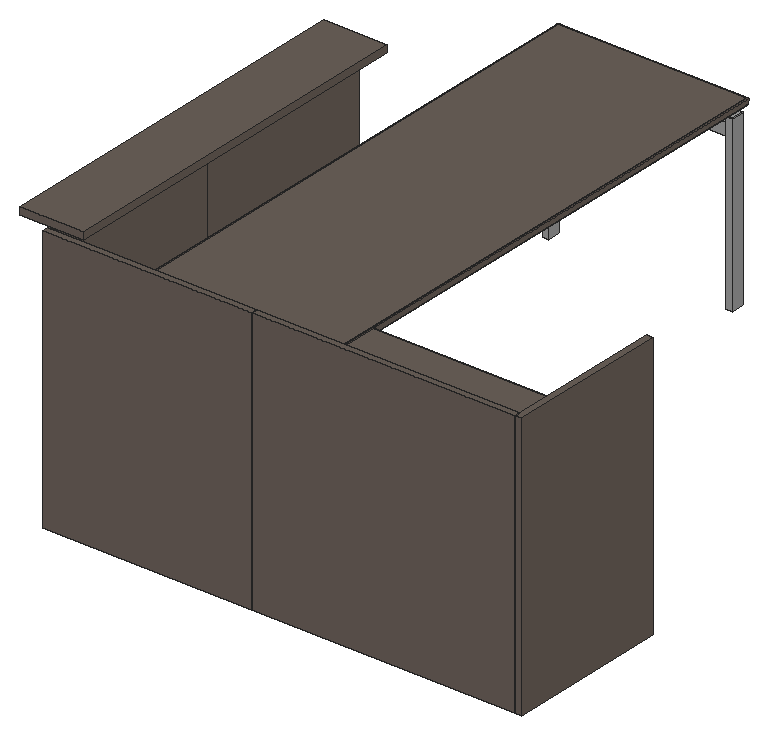
Revit family "OFS TYPICAL T100183", category Furniture, Revit 2022 (continued)
Definition of nested family "STAKS TRANSACTION SHELF"
  Types (11): name | Width | Model | Description
    STAKS TRANSACTION SHELF 48in | 4' - 0" | "6-TRS-48/10" | "OFS STAKS TRANSACTION SHELF 48\" Width, to Provide a Quick Transition to Reception Applications"
    STAKS TRANSACTION SHELF 54in | 4' - 6" | "6-TRS-54/10" | "OFS STAKS TRANSACTION SHELF 54\" Width, to Provide a Quick Transition to Reception Applications"
    STAKS TRANSACTION SHELF 60in | 5' - 0" | "6-TRS-60/10" | "OFS STAKS TRANSACTION SHELF 60\" Width, to Provide a Quick Transition to Reception Applications"
    STAKS TRANSACTION SHELF 66in | 5' - 6" | "6-TRS-66/10" | "OFS STAKS TRANSACTION SHELF 66\" Width, to Provide a Quick Transition to Reception Applications"
    STAKS TRANSACTION SHELF 72in | 6' - 0" | "6-TRS-72/10" | "OFS STAKS TRANSACTION SHELF 72\" Width, to Provide a Quick Transition to Reception Applications"
    STAKS TRANSACTION SHELF 78in | 6' - 6" | "6-TRS-78/10" | "OFS STAKS TRANSACTION SHELF 78\" Width, to Provide a Quick Transition to Reception Applications"
    STAKS TRANSACTION SHELF 84in | 7' - 0" | "6-TRS-84/10" | "OFS STAKS TRANSACTION SHELF 84\" Width, to Provide a Quick Transition to Reception Applications"
  Reference planes (in)
    plane 1: z = 0
    plane 2 "Center (Front/Back)": y = -2.12465
    plane 3 "LEFT": x = -31.5
    plane 4 "BASE TOP": z = 48.625
    plane 5 "RIGHT": x = -1.5
    plane 6: z = 47.5
    plane 7: y = 2.87535
    plane 8 "CENTER": x = -16.5
    plane 9: y = -7.12465
  Forms (in)
    Extrusion 1, solid, material <- "Shelf Material"
      sketch origin (0, -2.12465, 0) x (1, 0, 0) y (0, 0, 1)
        loop
          line (-31.5, 48.625) -> (-31.5, 47.5) -> (-1.5, 47.5) -> (-1.5, 48.625) -> (-31.5, 48.625)
      from -5 to 5
  Dimensions and locks (in)
    "Height From Floor": plane 4 "BASE TOP" to plane 1
    "Height": plane 4 "BASE TOP" to plane 6
    equal spacing: plane 3 "LEFT", plane 8 "CENTER", plane 5 "RIGHT"
    equal spacing: plane 9, plane 2 "Center (Front/Back)", plane 7
    "Width": plane 3 "LEFT" to plane 5 "RIGHT"
    "Depth": plane 9 to plane 7
    aligned and locked: level to plane 1
    aligned and locked: Extrusion 1 sketch curve to plane 4 "BASE TOP"
    aligned and locked: plane 3 "LEFT" to Extrusion 1 sketch curve
    aligned and locked: Extrusion 1 sketch curve to plane 6
    aligned and locked: Extrusion 1 sketch curve to plane 5 "RIGHT"
    aligned and locked: Extrusion 1 to plane 7
    aligned and locked: plane 9 to Extrusion 1
Definition of nested family "STAKS BENCHING 4 X 4 CLAMP PLATE"
  Parameters (values of type "STAKS BENCHING 4 X 4 CLAMP PLATE")
    Width = 0' - 4"
    URL = "http://www.ofs.com/"
    Model = "CP-1"
    Manufacturer = "OFS"
    Height From Floor = 2' - 3 7/8"
    Height = 0' - 0 1/8"
    Description = "OFS STAKS BENCHING 4 X 4 CLAMP PLATE, Adjoins Two Worksurfaces at Seam on Underneath Side of Worksurface"
    Depth = 0' - 4"
    Default Elevation = 0' - 0"
    Copyright © = "© 2018 OFS"
    Catalog = "https://ofs.com/products/open-plan/benching/staks"
    Bracket Material = none
    Authoring Version = "Autodesk Revit Architecture 2013"
    Assembly Code = "E2020200"
  Reference planes (in)
    plane 1: z = 0
    plane 2 "Center (Front/Back)": y = 2.0316
    plane 3 "LEFT": x = -18.5
    plane 4 "BASE TOP": z = 27.875
    plane 5 "RIGHT": x = -14.5
    plane 6: z = 27.75
    plane 7: y = 4.0316
    plane 8 "CENTER": x = -16.5
    plane 9: y = 0.0316
  Forms (in)
    Extrusion 1, solid
      sketch origin (0, 0, 0) x (1, 0, 0) y (0, 1, 0)
        loop
          arc (-18.25, 4.0316) -> (-18.42678, 3.95838) -> (-18.5, 3.7816) r 0.25
          line (-18.5, 3.7816) -> (-18.5, 0.2816)
          arc (-18.5, 0.2816) -> (-18.42678, 0.10482) -> (-18.25, 0.0316) r 0.25
          line (-18.25, 0.0316) -> (-14.75, 0.0316)
          arc (-14.75, 0.0316) -> (-14.57322, 0.10482) -> (-14.5, 0.2816) r 0.25
          line (-14.5, 0.2816) -> (-14.5, 3.7816)
          arc (-14.5, 3.7816) -> (-14.57322, 3.95838) -> (-14.75, 4.0316) r 0.25
          line (-14.75, 4.0316) -> (-18.25, 4.0316)
        loop
          circle (-18.1778, 3.7094) r 0.09375
        loop
          circle (-17.73948, 3.27108) r 0.09375
        loop
          circle (-18.1778, 0.35379) r 0.09375
        loop
          circle (-17.73948, 0.79212) r 0.09375
        loop
          circle (-14.8222, 0.35379) r 0.09375
        loop
          circle (-15.26052, 0.79212) r 0.09375
        loop
          circle (-14.8222, 3.7094) r 0.09375
        loop
          circle (-15.26052, 3.27108) r 0.09375
      from 27.75 to 27.875
  Dimensions and locks (in)
    "Height From Floor": plane 4 "BASE TOP" to plane 1
    "Height": plane 4 "BASE TOP" to plane 6
    equal spacing: plane 3 "LEFT", plane 8 "CENTER", plane 5 "RIGHT"
    equal spacing: plane 9, plane 2 "Center (Front/Back)", plane 7
    "Width": plane 3 "LEFT" to plane 5 "RIGHT"
    "Depth": plane 9 to plane 7
    aligned and locked: level to plane 1
    aligned and locked: plane 7 to Extrusion 1 sketch curve
    aligned and locked: plane 3 "LEFT" to Extrusion 1 sketch curve
    aligned and locked: Extrusion 1 sketch curve to plane 9
    aligned and locked: Extrusion 1 sketch curve to plane 5 "RIGHT"
    aligned and locked: Extrusion 1 to plane 4 "BASE TOP"
    aligned and locked: plane 6 to Extrusion 1
  Automatic sketch dimensions
    plane 3 "LEFT" to Extrusion 1 sketch curve = 0' - 0 1/4"  (x2)
    Extrusion 1 sketch curve to plane 9 = 0' - 0 1/4"
    Extrusion 1 sketch curve to plane 5 "RIGHT" = 0' - 0 1/4"
    Extrusion 1 sketch curve to Extrusion 1 sketch curve = 0' - 0.0722"  (x8)
    Extrusion 1 sketch curve to Extrusion 1 sketch curve = 0' - 0.43833"  (x4)
    Extrusion 1 sketch curve to Extrusion 1 sketch curve = 0' - 0.51052"  (x4)
    radius of Extrusion 1 sketch curve = 0' - 0 3/32"  (x8)
Definition of nested family "STAKS BENCHING CANTILEVER WORKSURFACE BRACKET - OPEN"
  Parameters (values of type "STAKS CANTILEVER WORKSURFACE BRACKET - OPEN 36in")
    Width = 0' - 1 1/2"
    URL = "http://www.ofs.com/"
    Model = "OWSBKT36"
    Manufacturer = "OFS"
    Height From Floor = 2' - 3 7/8"
    Height = 0' - 7"
    Description = "OFS STAKS BENCHING CANTILEVER WORKSURFACE BRACKET - Open Cantilever Worksurface Bracket for 36\"W Top"
    Depth = 2' - 4"
    Default Elevation = 0' - 0"
    Copyright © = "© 2018 OFS"
    Catalog = "https://ofs.com/products/open-plan/benching/staks"
    Bracket Material = none
    Authoring Version = "Autodesk Revit Architecture 2013"
    Assembly Code = "E2020200"
    Alpha = 0' - 1"
  Types (4): name | URL | Model | Manufacturer | Description | Depth | Copyright © | Catalog | Alpha
    CANTILEVER WORKSURFACE BRACKET - OPEN 14in | "http://www.ofsbrands.com/" | "OWSBKT14" | "FIRST OFFICE" | "OFS BRANDS FIRST OFFICE STAKS BENCHING CANTILEVER WORKSURFACE BRACKET - Open Cantilever Worksurface Bracket for 14\"W Top" | 0' - 11" | "© 2018 OFS BRANDS" | "http://www.firstoffice.com/products/crossover/staks_benching/" | 0' - 0 1/2"
    CANTILEVER WORKSURFACE BRACKET - OPEN 22in | "http://www.ofsbrands.com/" | "OWSBKT22" | "FIRST OFFICE" | "OFS BRANDS FIRST OFFICE STAKS BENCHING CANTILEVER WORKSURFACE BRACKET - Open Cantilever Worksurface Bracket for 22\"W Top" | 1' - 4" | "© 2018 OFS BRANDS" | "http://www.firstoffice.com/products/crossover/staks_benching/" | 0' - 0 5/8"
    CANTILEVER WORKSURFACE BRACKET - OPEN 30in | "http://www.ofsbrands.com/" | "OWSBKT30" | "FIRST OFFICE" | "OFS BRANDS FIRST OFFICE STAKS BENCHING CANTILEVER WORKSURFACE BRACKET - Open Cantilever Worksurface Bracket for 30\"W Top" | 1' - 10" | "© 2018 OFS BRANDS" | "http://www.firstoffice.com/products/crossover/staks_benching/" | 0' - 0 7/8"
    STAKS CANTILEVER WORKSURFACE BRACKET - OPEN 36in | "http://www.ofs.com/" | "OWSBKT36" | "OFS" | "OFS STAKS BENCHING CANTILEVER WORKSURFACE BRACKET - Open Cantilever Worksurface Bracket for 36\"W Top" | 2' - 4" | "© 2018 OFS" | "https://ofs.com/products/open-plan/benching/staks" | 0' - 1"
  Reference planes (in)
    plane 1: z = 0
    plane 2 "Center (Front/Back)": y = -11.12465
    plane 3 "LEFT": x = -17.25
    plane 4 "BASE TOP": z = 27.875
    plane 5 "RIGHT": x = -15.75
    plane 6: z = 20.875
    plane 7: y = 2.87535
    plane 8 "CENTER": x = -16.5
    plane 9: y = -25.12465
    plane 10: z = 25.875
    plane 11: y = 0.87535
    plane 12: z = 21.375
    plane 13: y = -24.62465
    plane 14: x = -16.375
    plane 15: x = -16.625
    plane 16: y = -23.62465
  Forms (in)
    Extrusion 1, solid, material <- "Bracket Material"
      sketch origin (-16.5, 0, 0) x (0, 1, 0) y (0, 0, 1)
        loop
          line (-25.12465, 27.875) -> (-25.12465, 27.82031) -> (0.8527, 27.82031) -> (2.82066, 25.85235) -> (2.82066, 20.875) -> (2.87535, 20.875) -> (2.87535, 25.875) -> (0.87535, 27.875) -> (-25.12465, 27.875)
      from -0.75 to 0.75
    Extrusion 2, solid
      sketch origin (-16.5, 0, 0) x (0, 1, 0) y (0, 0, 1)
        loop
          line (2.82066, 21.375) -> (2.82066, 21.66876) -> (-23.62465, 27.82031) -> (-24.62465, 27.82031) -> (2.82066, 21.375)
      from -0.125 to 0.125
    Extrusion 3, void
      sketch origin (0, -11.12465, 0) x (1, 0, 0) y (0, 0, 1)
        loop
          circle (-16.99183, 23.37543) r 0.09375
        loop
          circle (-16.99183, 25.56923) r 0.09375
        loop
          circle (-16.99183, 21.18077) r 0.09375
        loop
          line (-16.10192, 24.58008) -> (-16.10192, 24.41381)
          arc (-16.10192, 24.41381) -> (-16.00817, 24.32006) -> (-15.91442, 24.41381) r 0.09375
          line (-15.91442, 24.41381) -> (-15.91442, 24.58008)
          arc (-15.91442, 24.58008) -> (-16.00817, 24.67383) -> (-16.10192, 24.58008) r 0.09375
        loop
          arc (-16.10192, 22.16992) -> (-16.00817, 22.07617) -> (-15.91442, 22.16992) r 0.09375
          line (-15.91442, 22.16992) -> (-15.91442, 22.33619)
          arc (-15.91442, 22.33619) -> (-16.00817, 22.42994) -> (-16.10192, 22.33619) r 0.09375
          line (-16.10192, 22.33619) -> (-16.10192, 22.16992)
      from -14 to -3.47735
    Extrusion 4, void
      sketch origin (0, 0, 0) x (1, 0, 0) y (0, 1, 0)
        loop
          circle (-16.93617, 0.25038) r 0.09375
        loop
          circle (-16.06383, -1.74962) r 0.09375
        loop
          circle (-16.93617, -3.74962) r 0.09375
        loop
          circle (-16.06383, -5.74962) r 0.09375
        loop
          circle (-16.93617, -7.74962) r 0.09375
        loop
          circle (-16.06383, -9.74962) r 0.09375
        loop
          circle (-16.93617, -11.74962) r 0.09375
        loop
          circle (-16.06383, -13.74962) r 0.09375
        loop
          circle (-16.93617, -15.74962) r 0.09375
        loop
          circle (-16.06383, -17.74962) r 0.09375
        loop
          circle (-16.93617, -19.74962) r 0.09375
        loop
          circle (-16.06383, -21.74962) r 0.09375
        loop
          circle (-16.93617, -23.74962) r 0.09375
        loop
          circle (-16.06383, -25.74962) r 0.09375
        loop
          circle (-16.93617, -27.74962) r 0.09375
        loop
          circle (-16.06383, -29.74962) r 0.09375
      from 25.0365 to 29.23009
    Extrusion 5, void, not visible
      sketch origin (0, 0, 0) x (1, 0, 0) y (0, 1, 0)
        loop
          circle (-16.93617, 0.25038) r 0.09375
        loop
          circle (-16.06383, -1.74962) r 0.09375
        loop
          circle (-16.93617, -3.74962) r 0.09375
        loop
          circle (-16.06383, -5.74962) r 0.09375
        loop
          circle (-16.93617, -7.74962) r 0.09375
        loop
          circle (-16.06383, -9.74962) r 0.09375
        loop
          circle (-16.93617, -11.74962) r 0.09375
        loop
          circle (-16.06383, -13.74962) r 0.09375
        loop
          circle (-16.93617, -15.74962) r 0.09375
        loop
          circle (-16.06383, -17.74962) r 0.09375
        loop
          circle (-16.93617, -19.74962) r 0.09375
        loop
          circle (-16.06383, -21.74962) r 0.09375
        loop
          circle (-16.93617, -23.74962) r 0.09375
        loop
          circle (-16.06383, -25.74962) r 0.09375
        loop
          circle (-16.93617, -27.74962) r 0.09375
        loop
          circle (-16.06383, -29.74962) r 0.09375
      from 25.0365 to 29.23009
  Cuts and joins
    Extrusion 3, Extrusion 4 cuts Extrusion 1
  Dimensions and locks (in)
    "Height From Floor": plane 4 "BASE TOP" to plane 1
    "Height": plane 4 "BASE TOP" to plane 6
    equal spacing: plane 3 "LEFT", plane 8 "CENTER", plane 5 "RIGHT"
    equal spacing: plane 9, plane 2 "Center (Front/Back)", plane 7
    "Width": plane 3 "LEFT" to plane 5 "RIGHT"
    "Depth": plane 9 to plane 7
    locked: plane 4 "BASE TOP" to plane 10 at 2
    locked: plane 7 to plane 11 at 2
    locked: plane 13 to plane 9 at 0.5
    locked: plane 6 to plane 12 at 0.5
    plane 14 to plane 8 "CENTER" to plane 15 = 0' - 0 1/8" locked, 0' - 0 1/8" locked
    "Alpha": plane 16 to plane 13
    aligned and locked: level to plane 1
    aligned and locked: Extrusion 1 sketch curve to plane 4 "BASE TOP"
    aligned and locked: plane 7 to Extrusion 1 sketch curve
    aligned and locked: plane 9 to Extrusion 1 sketch curve
    aligned and locked: plane 6 to Extrusion 1 sketch curve
    aligned and locked: Extrusion 1 to plane 3 "LEFT"
    aligned and locked: plane 5 "RIGHT" to Extrusion 1
    aligned and locked: Extrusion 2 sketch curve to Extrusion 1
    aligned and locked: plane 15 to Extrusion 2
    aligned and locked: plane 14 to Extrusion 2
    aligned and locked: Extrusion 1 to Extrusion 2 sketch curve
    aligned and locked: Extrusion 3 to plane 7
  Automatic sketch dimensions
    plane 7 to Extrusion 1 sketch curve = 0' - 0 7/128"
    Extrusion 1 sketch curve to plane 11 = 0' - 0"
    plane 10 to Extrusion 1 sketch curve = 0' - 0"
    plane 11 to Extrusion 1 sketch curve = 0' - 0.02265"
    plane 10 to Extrusion 1 sketch curve = 0' - 0.02265"
    plane 4 "BASE TOP" to Extrusion 1 sketch curve = 0' - 0 7/128"
    Extrusion 2 sketch curve to plane 13 = 0' - 0"
    plane 12 to Extrusion 2 sketch curve = 0' - 0"
    Extrusion 2 sketch curve to plane 16 = 0' - 0"
    Extrusion 2 sketch curve to Extrusion 2 sketch curve = 0' - 0.29376"
    plane 14 to Extrusion 3 sketch curve = 0' - 0.27308"
    Extrusion 3 sketch curve to plane 5 "RIGHT" = 0' - 0.16442"  (x2)
    Extrusion 3 sketch curve to plane 12 = 0' - 0.79492"
    Extrusion 3 sketch curve to Extrusion 3 sketch curve = 0' - 0 3/16"
    plane 3 "LEFT" to Extrusion 3 sketch curve = 0' - 0.25817"  (x3)
    Extrusion 3 sketch curve to Extrusion 3 sketch curve = 0' - 0.16626"  (x2)
    plane 10 to Extrusion 3 sketch curve = 0' - 1.46119"
    plane 12 to Extrusion 3 sketch curve = 0' - 0.19423"
    Extrusion 3 sketch curve to Extrusion 3 sketch curve = 0' - 1.03838"
    plane 10 to Extrusion 3 sketch curve = 0' - 0.30577"
    Extrusion 4 sketch curve to Extrusion 4 sketch curve = 0' - 2"  (x15)
    Extrusion 4 sketch curve to Extrusion 4 sketch curve = 0' - 0"  (x7)
    Extrusion 4 sketch curve to Extrusion 4 sketch curve = 0' - 0.87233"  (x8)
    Extrusion 5 sketch curve to Extrusion 5 sketch curve = 0' - 2"  (x15)
    Extrusion 5 sketch curve to Extrusion 5 sketch curve = 0' - 0"  (x7)
    Extrusion 5 sketch curve to Extrusion 5 sketch curve = 0' - 0.87233"  (x8)
    radius of Extrusion 3 sketch curve = 0' - 0 3/32"  (x3)
    radius of Extrusion 4 sketch curve = 0' - 0 3/32"  (x16)
    radius of Extrusion 5 sketch curve = 0' - 0 3/32"  (x16)
Definition of nested family "STAKS BENCHING PRESS FIT BRACKET"
  Parameters (values of type "STAKS BENCHING PRESS FIT BRACKET")
    Width = 0' - 7 1/8"
    URL = "http://www.ofs.com/"
    Model = "PFBKT-1"
    Manufacturer = "OFS"
    Height From Floor = 2' - 3 7/8"
    Height = 0' - 3"
    Gap = 0' - 1"
    Description = "OFS STAKS BENCHING PRESS FIT BRACKET, Supports Shared Organizers, Shared Shelves or Transaction Tops on Spine or Divider Wall Panels Without Defacing the Panel Faces"
    Depth = 0' - 2"
    Default Elevation = 0' - 0"
    Copyright © = "© 2018 OFS"
    Catalog = "https://ofs.com/products/open-plan/benching/staks"
    Bracket Material = none
    Authoring Version = "Autodesk Revit Architecture 2013"
    Assembly Code = "E2020200"
  Reference planes (in)
    plane 1: z = 0
    plane 2 "Center (Front/Back)": y = 1.87535
    plane 3 "LEFT": x = -20.0625
    plane 4 "BASE TOP": z = 27.875
    plane 5 "RIGHT": x = -12.9375
    plane 6: z = 24.875
    plane 7: y = 2.87535
    plane 8 "CENTER": x = -16.5
    plane 9: y = 0.87535
    plane 10: y = 1.25035
    plane 11: x = -16
    plane 12: x = -17
  Forms (in)
    Extrusion 1, solid, material <- "Bracket Material"
      sketch origin (0, 1.87535, 0) x (1, 0, 0) y (0, 0, 1)
        loop
          line (-17, 24.875) -> (-17, 27.375) -> (-16.82031, 27.375)
          arc (-16.82031, 27.375) -> (-16.59934, 27.46653) -> (-16.50781, 27.6875) r 0.3125
          line (-16.50781, 27.6875) -> (-16.50781, 27.875) -> (-20.0625, 27.875) -> (-20.0625, 27.375) -> (-17.75, 27.375)
          arc (-17.75, 27.375) -> (-17.39645, 27.22855) -> (-17.25, 26.875) r 0.5
          line (-17.25, 26.875) -> (-17.25, 24.875) -> (-17, 24.875)
        loop
          line (-12.9375, 27.875) -> (-16.49219, 27.875) -> (-16.49219, 27.6875)
          arc (-16.49219, 27.6875) -> (-16.40066, 27.46653) -> (-16.17969, 27.375) r 0.3125
          line (-16.17969, 27.375) -> (-16, 27.375) -> (-16, 24.875) -> (-15.75, 24.875) -> (-15.75, 26.875)
          arc (-15.75, 26.875) -> (-15.60355, 27.22855) -> (-15.25, 27.375) r 0.5
          line (-15.25, 27.375) -> (-12.9375, 27.375) -> (-12.9375, 27.875)
      from -1 to 1
    Extrusion 2, void
      sketch origin (0, 0, 0) x (1, 0, 0) y (0, 1, 0)
        loop
          line (-17, 0.87535) -> (-16, 0.87535) -> (-16, 1.37535) -> (-17, 1.37535) -> (-17, 0.87535)
        loop
          line (-17, 2.87535) -> (-17, 2.37535) -> (-16, 2.37535) -> (-16, 2.87535) -> (-17, 2.87535)
        loop
          circle (-19.48811, 1.37535) r 0.09375
        loop
          circle (-17.85526, 1.37535) r 0.09375
        loop
          circle (-13.51189, 1.37535) r 0.09375
        loop
          circle (-15.14474, 1.37535) r 0.09375
        loop
          circle (-19.48811, 2.37535) r 0.09375
        loop
          circle (-17.85526, 2.37535) r 0.09375
        loop
          circle (-13.51189, 2.37535) r 0.09375
        loop
          circle (-15.14474, 2.37535) r 0.09375
      from 24.875 to 27.875
    Extrusion 3, solid, material <- "Bracket Material"
      sketch origin (-16.5, 0, 0) x (0, 1, 0) y (0, 0, 1)
        loop
          circle (2.60972, 27.625) r 0.1875
        loop
          line (2.60972, 27.72544) -> (2.52274, 27.67522) -> (2.52274, 27.57478) -> (2.60972, 27.52456) -> (2.69671, 27.57478) -> (2.69671, 27.67522) -> (2.60972, 27.72544)
        loop
          circle (1.14097, 27.625) r 0.1875
        loop
          line (1.14097, 27.72544) -> (1.05399, 27.67522) -> (1.05399, 27.57478) -> (1.14097, 27.52456) -> (1.22796, 27.57478) -> (1.22796, 27.67522) -> (1.14097, 27.72544)
      from 3.5625 to 3.68034
    Extrusion 4, solid, material <- "Bracket Material"
      sketch origin (-16.5, 0, 0) x (0, 1, 0) y (0, 0, -1)
        loop
          circle (2.60972, -27.625) r 0.1875
        loop
          line (2.60972, -27.72544) -> (2.69671, -27.67522) -> (2.69671, -27.57478) -> (2.60972, -27.52456) -> (2.52274, -27.57478) -> (2.52274, -27.67522) -> (2.60972, -27.72544)
        loop
          circle (1.14097, -27.625) r 0.1875
        loop
          line (1.14097, -27.72544) -> (1.22796, -27.67522) -> (1.22796, -27.57478) -> (1.14097, -27.52456) -> (1.05399, -27.57478) -> (1.05399, -27.67522) -> (1.14097, -27.72544)
      from 3.5625 to 3.68034
    Extrusion 5, solid, material <- "Bracket Material"
      sketch origin (-16.5, 3.61007, 0) x (0, -1, 0) y (0, 0, -1)
        loop
          circle (2.4691, -27.625) r 0.09375
      from -0.5 to 0.5
    Extrusion 6, solid, material <- "Bracket Material"
      sketch origin (-16.5, 0.14063, 0) x (0, 1, 0) y (0, 0, 1)
        loop
          circle (2.4691, 27.625) r 0.09375
      from -0.5 to 0.5
    Extrusion 7, solid
      sketch origin (-16.5, 0, 0) x (0, 1, 0) y (0, 0, 1)
        loop
          line (2.37535, 26.875) -> (1.37535, 26.875) -> (1.37535, 25.375) -> (2.37535, 25.375) -> (2.37535, 26.875)
      from 0.40321 to 0.5
    Extrusion 8, solid
      sketch origin (-16.5, 0, 0) x (0, 1, 0) y (0, 0, -1)
        loop
          line (2.37535, -26.875) -> (2.37535, -25.375) -> (1.37535, -25.375) -> (1.37535, -26.875) -> (2.37535, -26.875)
      from 0.40321 to 0.5
  Cuts and joins
    Extrusion 2 cuts Extrusion 1
  Dimensions and locks (in)
    "Height From Floor": plane 4 "BASE TOP" to plane 1
    "Height": plane 4 "BASE TOP" to plane 6
    equal spacing: plane 3 "LEFT", plane 8 "CENTER", plane 5 "RIGHT"
    equal spacing: plane 9, plane 2 "Center (Front/Back)", plane 7
    "Width": plane 3 "LEFT" to plane 5 "RIGHT"
    "Depth": plane 9 to plane 7
    equal spacing: plane 11, plane 8 "CENTER", plane 12
    "Gap": plane 12 to plane 11
    aligned and locked: level to plane 1
    aligned and locked: plane 9 to Extrusion 1
    aligned and locked: Extrusion 1 to plane 7
    aligned and locked: Extrusion 2 to plane 4 "BASE TOP"
    aligned and locked: plane 6 to Extrusion 2
    aligned and locked: plane 11 to Extrusion 5
    aligned and locked: plane 12 to Extrusion 5
    aligned and locked: plane 11 to Extrusion 7
  Automatic sketch dimensions
    Extrusion 1 sketch curve to plane 3 "LEFT" = 0' - 0"
    Extrusion 1 sketch curve to plane 6 = 0' - 0"  (x2)
    plane 12 to Extrusion 1 sketch curve = 0' - 0"
    Extrusion 1 sketch curve to plane 4 "BASE TOP" = 0' - 0"  (x2)
    Extrusion 1 sketch curve to plane 11 = 0' - 0"
    Extrusion 1 sketch curve to plane 5 "RIGHT" = 0' - 0"
    plane 12 to Extrusion 1 sketch curve = 0' - 0 1/4"
    plane 4 "BASE TOP" to Extrusion 1 sketch curve = 0' - 1"
    plane 4 "BASE TOP" to Extrusion 1 sketch curve = 0' - 0 1/2"  (x3)
    Extrusion 1 sketch curve to plane 12 = 0' - 0 23/128"
    Extrusion 1 sketch curve to plane 8 "CENTER" = 0' - 0 1/128"
    plane 8 "CENTER" to Extrusion 1 sketch curve = 0' - 0 1/128"
    Extrusion 1 sketch curve to Extrusion 1 sketch curve = 0' - 0 23/128"
    plane 11 to Extrusion 1 sketch curve = 0' - 0 1/4"
    Extrusion 1 sketch curve to Extrusion 1 sketch curve = 0' - 0 1/2"
    Extrusion 1 sketch curve to Extrusion 1 sketch curve = 0' - 0 5/16"
    plane 9 to Extrusion 2 sketch curve = 0' - 0"
    Extrusion 2 sketch curve to plane 12 = 0' - 0"  (x2)
    plane 7 to Extrusion 2 sketch curve = 0' - 0"
    Extrusion 2 sketch curve to plane 11 = 0' - 0"  (x2)
    Extrusion 2 sketch curve to plane 10 = 0' - 0 1/8"  (x5)
    plane 3 "LEFT" to Extrusion 2 sketch curve = 0' - 0.57439"  (x2)
    Extrusion 2 sketch curve to Extrusion 2 sketch curve = 0' - 0.85526"  (x4)
    Extrusion 2 sketch curve to plane 5 "RIGHT" = 0' - 0.57439"  (x2)
    Extrusion 2 sketch curve to plane 2 "Center (Front/Back)" = 0' - 0 1/2"  (x5)
    Extrusion 3 sketch curve to plane 9 = 0' - 0.17864"
    plane 4 "BASE TOP" to Extrusion 3 sketch curve = 0' - 0.35044"  (x2)
    Extrusion 3 sketch curve to Extrusion 3 sketch curve = 0' - 0.08698"  (x6)
    plane 10 to Extrusion 3 sketch curve = 0' - 0.02239"
    plane 7 to Extrusion 3 sketch curve = 0' - 0.35261"
    Extrusion 3 sketch curve to Extrusion 3 sketch curve = 0' - 0"
    Extrusion 3 sketch curve to Extrusion 3 sketch curve = 0' - 0.05022"  (x7)
    Extrusion 3 sketch curve to Extrusion 3 sketch curve = 0' - 0.10044"  (x5)
    Extrusion 4 sketch curve to plane 9 = 0' - 0.17864"
    plane 4 "BASE TOP" to Extrusion 4 sketch curve = 0' - 0.14956"  (x2)
    Extrusion 4 sketch curve to Extrusion 4 sketch curve = 0' - 0.08698"  (x7)
    plane 10 to Extrusion 4 sketch curve = 0' - 0.02239"
    plane 7 to Extrusion 4 sketch curve = 0' - 0.35261"
    Extrusion 4 sketch curve to Extrusion 4 sketch curve = 0' - 0.05022"  (x8)
    Extrusion 4 sketch curve to Extrusion 4 sketch curve = 0' - 0.10044"  (x4)
    Extrusion 5 sketch curve to plane 10 = 0' - 0 7/64"
    Extrusion 5 sketch curve to plane 4 "BASE TOP" = 0' - 0 1/4"
    plane 7 to Extrusion 6 sketch curve = 0' - 0 17/64"
    plane 4 "BASE TOP" to Extrusion 6 sketch curve = 0' - 0 1/4"
    Extrusion 7 sketch curve to plane 10 = 0' - 0 1/8"
    Extrusion 7 sketch curve to plane 6 = 0' - 0 1/2"
    Extrusion 7 sketch curve to plane 2 "Center (Front/Back)" = 0' - 0 1/2"
    plane 4 "BASE TOP" to Extrusion 7 sketch curve = 0' - 1"
    Extrusion 8 sketch curve to plane 10 = 0' - 0 1/8"
    plane 4 "BASE TOP" to Extrusion 8 sketch curve = 0' - 1"
    Extrusion 8 sketch curve to plane 2 "Center (Front/Back)" = 0' - 0 1/2"
    Extrusion 8 sketch curve to plane 6 = 0' - 0 1/2"
    radius of Extrusion 2 sketch curve = 0' - 0 3/32"  (x8)
    radius of Extrusion 3 sketch curve = 0' - 0 3/16"  (x2)
    radius of Extrusion 4 sketch curve = 0' - 0 3/16"  (x2)
    radius of Extrusion 5 sketch curve = 0' - 0 3/32"
    radius of Extrusion 6 sketch curve = 0' - 0 3/32"
Definition of nested family "STAKS BENCHING CANTILEVER WORKSURFACE BRACKET - MINI CONCEALED"
  Parameters (values of type "STAKS CANTILEVER WORKSURFACE BRACKET - MINI CONCEALED")
    Width = 0' - 1 1/2"
    URL = "http://www.ofs.com/"
    Model = "WSBKTC"
    Manufacturer = "OFS"
    Height From Floor = 2' - 3 7/8"
    Height = 0' - 3 1/2"
    Description = "OFS STAKS BENCHING CANTILEVER WORKSURFACE BRACKET - Low Profile Concealed Cantilever Bracket"
    Depth = 0' - 3 1/2"
    Default Elevation = 0' - 0"
    Copyright © = "© 2018 OFS"
    Catalog = "https://ofs.com/products/open-plan/benching/staks"
    Bracket Material = none
    Authoring Version = "Autodesk Revit Architecture 2013"
    Assembly Code = "E2020200"
  Reference planes (in)
    plane 1: z = 0
    plane 2 "Center (Front/Back)": y = 1.12535
    plane 3 "LEFT": x = -17.25
    plane 4 "BASE TOP": z = 27.875
    plane 5 "RIGHT": x = -15.75
    plane 6: z = 24.375
    plane 7: y = 2.87535
    plane 8 "CENTER": x = -16.5
    plane 9: y = -0.62465
    plane 10: z = 26.875
    plane 11: y = 1.87535
    plane 12: z = 24.875
    plane 13: y = -0.12465
    plane 14: x = -16.375
    plane 15: x = -16.625
    plane 16: y = 0.50035
  Forms (in)
    Extrusion 1, solid, material <- "Bracket Material"
      sketch origin (-16.5, 0, 0) x (0, 1, 0) y (0, 0, 1)
        loop
          line (-0.62465, 27.875) -> (-0.62465, 27.82031) -> (1.8527, 27.82031) -> (2.82066, 26.85235) -> (2.82066, 24.375) -> (2.87535, 24.375) -> (2.87535, 26.875) -> (1.87535, 27.875) -> (-0.62465, 27.875)
      from -0.75 to 0.75
    Extrusion 2, void
      sketch origin (0, 1.12535, 0) x (1, 0, 0) y (0, 0, 1)
        loop
          circle (-16.99183, 26.15668) r 0.09375
        loop
          circle (-16.00817, 25.13628) r 0.09375
      from -1.75 to -1.1009
    Extrusion 3, void
      sketch origin (0, 0, 0) x (1, 0, 0) y (0, 1, 0)
        loop
          circle (-16.93617, 1.09413) r 0.09375
        loop
          circle (-16.06383, -0.12462) r 0.09375
      from 25.0365 to 29.23009
  Cuts and joins
    Extrusion 2, Extrusion 3 cuts Extrusion 1
  Dimensions and locks (in)
    "Height From Floor": plane 4 "BASE TOP" to plane 1
    "Height": plane 4 "BASE TOP" to plane 6
    equal spacing: plane 3 "LEFT", plane 8 "CENTER", plane 5 "RIGHT"
    equal spacing: plane 9, plane 2 "Center (Front/Back)", plane 7
    "Width": plane 3 "LEFT" to plane 5 "RIGHT"
    "Depth": plane 9 to plane 7
    locked: plane 4 "BASE TOP" to plane 10 at 1
    locked: plane 7 to plane 11 at 1
    locked: plane 13 to plane 9 at 0.5
    locked: plane 6 to plane 12 at 0.5
    plane 14 to plane 8 "CENTER" to plane 15 = 0' - 0 1/8" locked, 0' - 0 1/8" locked
    plane 16 to plane 13 = 0' - 0 5/8"
    aligned and locked: level to plane 1
    aligned and locked: plane 4 "BASE TOP" to Extrusion 1 sketch curve
    aligned and locked: plane 7 to Extrusion 1 sketch curve
    aligned and locked: plane 9 to Extrusion 1 sketch curve
    aligned and locked: plane 6 to Extrusion 1 sketch curve
    aligned and locked: Extrusion 1 to plane 3 "LEFT"
    aligned and locked: plane 5 "RIGHT" to Extrusion 1
    aligned and locked: Extrusion 2 to plane 7
  Automatic sketch dimensions
    plane 7 to Extrusion 1 sketch curve = 0' - 0 7/128"
    Extrusion 1 sketch curve to plane 11 = 0' - 0"
    plane 10 to Extrusion 1 sketch curve = 0' - 0"
    plane 11 to Extrusion 1 sketch curve = 0' - 0.02265"
    plane 10 to Extrusion 1 sketch curve = 0' - 0.02265"
    plane 4 "BASE TOP" to Extrusion 1 sketch curve = 0' - 0 7/128"
    Extrusion 3 sketch curve to Extrusion 3 sketch curve = 0' - 1 7/32"
    plane 3 "LEFT" to Extrusion 2 sketch curve = 0' - 0.25817"
    Extrusion 2 sketch curve to plane 5 "RIGHT" = 0' - 0.25817"
    Extrusion 2 sketch curve to plane 12 = 0' - 0.26128"
    Extrusion 2 sketch curve to Extrusion 2 sketch curve = 0' - 1.0204"
    plane 15 to Extrusion 3 sketch curve = 0' - 0.31117"
    plane 14 to Extrusion 3 sketch curve = 0' - 0.31117"
    Extrusion 3 sketch curve to plane 9 = 0' - 0.50003"
    radius of Extrusion 3 sketch curve = 0' - 0 3/32"  (x2)
    radius of Extrusion 2 sketch curve = 0' - 0 3/32"  (x2)
